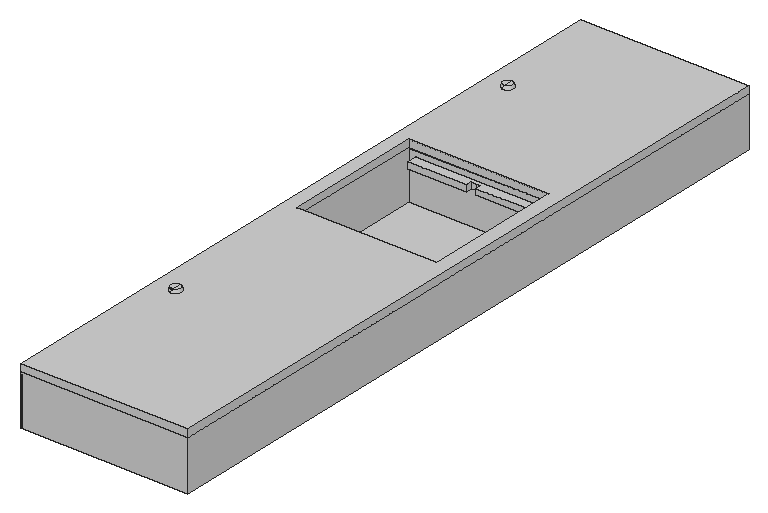
Revit family "SanitaryComboUnit_Metlam_2-in-1", category Generic Models, host Face, Revit 2013
Parameters (values of type "Metlam Sanitary - Paper/Waste 99 Surface Mounted")
  Width = 333 mm
  Void Depth = -2 mm
  URL = "http://www.metlam.com.au/products/washroom/113"
  Surround Depth = 100 mm
  Surround = yes
  StyleOrType_ANZRS = "Sanitary Ware"
  Product Code = "ML 706 SM"
  Position - Recessed/Suface Mounted = 115 mm
  ModifiedIssue_ANZRS = 130318.01
  Model = "Paper/Waste - 99 Surface Mounted"
  Material = Stainless Steel, Satin
  Manufacturer = "Metlam"
  Keywords = "DISPENSES 600 C-fold paper towels or 800 Multi-fold paper towels. DISPOSAL 19L removable S.S. waste container."
  Height = 1397 mm
  FilterObject_ANZRS = "Sanitary Combination Unit"
  Description = "Paper Towel Dispenser & Waste"
  Depth = 115 mm
  Default Elevation = 0 mm
  CreatedBy_ANZRS = "RubySketch"
  CreatedByURL_ANZRS = "http://www.rubysketch.com/"
  CreatedByPhoneNo_ANZRS = "1300 844 728"
  Assembly Code = "E1090900"
Types (5, lengths in mm): name | Void Depth | Surround Depth | Surround | Product Code | Position - Recessed/Suface Mounted | Model | Keywords | Depth
  (no name) | -2 | 100 | yes | "ML 706 SM" | 115 | "Paper/Waste - 99 Surface Mounted" | "DISPENSES 600 C-fold paper towels or 800 Multi-fold paper towels. DISPOSAL 19L removable S.S. waste container." | 115
  Metlam Sanitary - Paper/Waste 99 Recessed | -108 | 100 | no | "ML 706" | 15 | "Paper/Waste - 99 Recessed" | "DISPENSES 600 C-fold paper towels or 800 Multi-fold paper towels. DISPOSAL 19L removable S.S. waste container." | 115
  Metlam Sanitary - Paper/Waste 99 Surface Mounted | -2 | 100 | yes | "ML 706 SM" | 115 | "Paper/Waste - 99 Surface Mounted" | "DISPENSES 600 C-fold paper towels or 800 Multi-fold paper towels. DISPOSAL 19L removable S.S. waste container." | 115
  Metlam Sanitary - Paper/Waste 159 Recessed | -160 | 140 | no | "ML 707" | 15 | "Paper/Waste - 159 Recessed" | "DISPENSES 600 C-fold paper towels or 800 Multi-fold paper towels. DISPOSAL 22L removable S.S. waste container." | 155
  Metlam Sanitary - Paper/Waste 159 Surface Mounted | -2 | 140 | yes | "ML 707 SM" | 155 | "Paper/Waste - 159 Surface Mounted" | "DISPENSES 600 C-fold paper towels or 800 Multi-fold paper towels. DISPOSAL 22L removable S.S. waste container." | 155
Reference planes
  plane 1 "Center (Front/Back)": y = 0
  plane 2: z = 0
  plane 3 "Center (Left/Right)": x = 0
  plane 4 "Positioning": z = 115
Forms (mm)
  Extrusion 1, solid, material "Stainless Steel, Satin" <- "Material", detail levels fine
    sketch origin (0, 0, 115) x (0, -1, 0) y (1, 0, 0)
      loop
        line (0, -166.5) -> (0, 166.5) -> (-1397, 166.5) -> (-1397, -166.5) -> (0, -166.5)
      loop
        line (-655, -139.5) -> (-655, 139.5) -> (-935, 139.5) -> (-935, -139.5) -> (-655, -139.5)
    from 0 to -15
  Extrusion 2, solid, material "Stainless Steel, Satin" <- "Material", detail levels fine
    sketch origin (0, 0, 115) x (0, -1, 0) y (1, 0, 0)
      loop
        line (-1377, -146.5) -> (-20, -146.5) -> (-20, 146.5) -> (-1377, 146.5) -> (-1377, -146.5)
    from -115 to -113
  Extrusion 3, solid, material "Stainless Steel, Satin" <- "Material", detail levels fine
    sketch origin (0, 0, 115) x (0, -1, 0) y (1, 0, 0)
      loop
        line (-655, -139.5) -> (-655, 139.5) -> (-935, 139.5) -> (-935, -139.5) -> (-655, -139.5)
      loop
        line (-653, -141.5) -> (-653, 141.5) -> (-937, 141.5) -> (-937, -141.5) -> (-653, -141.5)
    from -15 to -113
  Extrusion 4, void
    sketch origin (0, 0, 0) x (1, 0, 0) y (0, 0, 1)
      loop
        line (125.5, 88) -> (-125.5, 88) -> (-125.5, 72) -> (125.5, 72) -> (125.5, 88)
    from -650 to -950
  Extrusion 5, solid, material "Stainless Steel, Satin" <- "Material", detail levels fine
    sketch origin (0, 0, 115) x (0, -1, 0) y (1, 0, 0)
      loop
        line (-937, -125.5) -> (-915, -125.5) -> (-915, -9.5) -> (-927, -9.5) -> (-927, 0) -> (-927, 9.5) -> (-915, 9.5) -> (-915, 125.5) -> (-937, 125.5) -> (-937, -125.5)
    from -27 to -39
  Revolve 6, solid, material "Stainless Steel, Satin" <- "Material", detail levels fine
    sketch origin (-124.5, 335, 0) x (0, 1, 0) y (0, 0, 1)
      loop
        line (0, 115) -> (11.5, 115) -> (9.5, 120) -> (0, 120) -> (0, 115)
      axis (0, 120) -> (0, 115)
    angle from 0 to 360
  Revolve 7, solid, material "Stainless Steel, Satin" <- "Material", detail levels fine
    sketch origin (-124.5, 1162, 0) x (0, 1, 0) y (0, 0, 1)
      loop
        line (0, 115) -> (11.5, 115) -> (9.5, 120) -> (0, 120) -> (0, 115)
      axis (0, 120) -> (0, 115)
    angle from 0 to 360
  Extrusion 8, solid, material "Stainless Steel, Satin" <- "Material", visible <- "Surround", detail levels fine
    sketch origin (0, 0, 0) x (1, 0, 0) y (0, 1, 0)
      loop
        line (-166.5, 1397) -> (-166.5, 0) -> (166.5, 0) -> (166.5, 1397) -> (-166.5, 1397)
      loop
        line (-164.5, 1395) -> (-164.5, 2) -> (164.5, 2) -> (164.5, 1395) -> (-164.5, 1395)
    from 0 to 100
  Extrusion 9, void
    sketch origin (0, 0, 0) x (1, 0, 0) y (0, 1, 0)
      loop
        line (-150.5, 16) -> (150.5, 16) -> (150.5, 1381) -> (-150.5, 1381) -> (-150.5, 16)
    from 0 to -2 <- "Void Depth"
  Extrusion 10, solid, material "Stainless Steel, Satin" <- "Material", detail levels fine
    sketch origin (0, 0, 115) x (0, -1, 0) y (1, 0, 0)
      loop
        line (-1377, -146.5) -> (-20, -146.5) -> (-20, 146.5) -> (-1377, 146.5) -> (-1377, -146.5)
      loop
        line (-1375, -144.5) -> (-22, -144.5) -> (-22, 144.5) -> (-1375, 144.5) -> (-1375, -144.5)
    from -15 to -113
  Extrusion 11, solid, material "Stainless Steel, Satin" <- "Material", detail levels fine
    sketch origin (0, 0, 115) x (0, -1, 0) y (1, 0, 0)
      loop
        line (-1377, -146.5) -> (-20, -146.5) -> (-20, 146.5) -> (-1377, 146.5) -> (-1377, -146.5)
    from -115 to -113
Cuts and joins
  Extrusion 9 cuts Extrusion 2
  Extrusion 4 cuts Extrusion 3
  joined: Extrusion 2, Extrusion 3, Extrusion 10, Extrusion 11
Lines and regions (mm)
  Masking region 1
    outline origin (0, 0, 0) x (1, 0, 0) y (0, 0, 1)
      loop
        line (166.5, 100) -> (166.5, 115) -> (-166.5, 115) -> (-166.5, 100) -> (166.5, 100)
  Masking region 2
    outline origin (0, 0, 0) x (1, 0, 0) y (0, 0, 1)
      loop
        line (146.5, 0) -> (146.5, 100) -> (-146.5, 100) -> (-146.5, 0) -> (146.5, 0)
  Masking region 3, visible <- "Surround"
    outline origin (0, 0, 0) x (1, 0, 0) y (0, 0, 1)
      loop
        line (166.5, 0) -> (166.5, 100) -> (-166.5, 100) -> (-166.5, 0) -> (166.5, 0)
Dimensions and locks
  "Position - Recessed/Suface Mounted": plane 4 "Positioning" to level
  equal spacing: Extrusion 1 sketch curve, plane 3 "Center (Left/Right)", Extrusion 1 sketch curve
  "Width": Extrusion 1 sketch curve to Extrusion 1 sketch curve
  "Height": Extrusion 1 sketch curve to Extrusion 1 sketch curve
  locked: Extrusion 1 sketch curve to Extrusion 1 sketch curve at 655
  "Surround Depth": Extrusion 8 to host face
  aligned and locked: plane 2 to host face
  aligned and locked: level to host face
  aligned and locked: Extrusion 8 to level
  aligned and locked: Masking region 1 sketch curve to Extrusion 1  (x3)
  aligned and locked: Masking region 1 sketch curve to Extrusion 8
  aligned and locked: Masking region 2 sketch curve to cut or joined group of Extrusion 2, Extrusion 3, Extrusion 4, Extrusion 9, Extrusion 10, Extrusion 11  (x4)
  aligned and locked: Masking region 3 sketch curve to Extrusion 8  (x3)
Automatic sketch dimensions
  host sketch curve to host sketch curve = 2438.4 mm
  host sketch curve to host sketch curve = 1854.493 mm
  plane 1 "Center (Front/Back)" to Extrusion 1 sketch curve = 0 mm
  Extrusion 1 sketch curve to Extrusion 1 sketch curve = 280 mm
  plane 3 "Center (Left/Right)" to Extrusion 1 sketch curve = 139.5 mm
  plane 3 "Center (Left/Right)" to Extrusion 2 sketch curve = 146.5 mm
  Extrusion 2 sketch curve to plane 1 "Center (Front/Back)" = 1377 mm
  Extrusion 2 sketch curve to plane 1 "Center (Front/Back)" = 20 mm
  plane 3 "Center (Left/Right)" to Extrusion 3 sketch curve = 141.5 mm
  Extrusion 3 sketch curve to plane 1 "Center (Front/Back)" = 937 mm
  Extrusion 3 sketch curve to Extrusion 3 sketch curve = 2 mm  (x4)
  Extrusion 3 sketch curve to Extrusion 3 sketch curve = 280 mm
  Extrusion 4 sketch curve to plane 4 "Positioning" = 43 mm
  plane 3 "Center (Left/Right)" to Extrusion 4 sketch curve = 125.5 mm
  Extrusion 4 sketch curve to Extrusion 4 sketch curve = 16 mm
  Extrusion 5 sketch curve to plane 3 "Center (Left/Right)" = 0 mm
  Extrusion 5 sketch curve to plane 1 "Center (Front/Back)" = 937 mm
  Extrusion 5 sketch curve to plane 3 "Center (Left/Right)" = 9.5 mm
  Extrusion 5 sketch curve to Extrusion 5 sketch curve = 10 mm
  Extrusion 5 sketch curve to Extrusion 5 sketch curve = 12 mm  (x2)
  plane 3 "Center (Left/Right)" to Extrusion 5 sketch curve = 9.5 mm
  Extrusion 5 sketch curve to Extrusion 5 sketch curve = 116 mm
  Revolve 6 sketch curve to plane 4 "Positioning" = 0 mm
  Revolve 6 sketch curve to plane 1 "Center (Front/Back)" = 335 mm
  plane 4 "Positioning" to Revolve 6 sketch curve = 5 mm
  Revolve 6 sketch curve to Revolve 6 sketch curve = 9.5 mm
  Revolve 6 sketch curve to Revolve 6 sketch curve = 2 mm
  Revolve 6 sketch curve to Revolve 6 sketch curve = 0 mm
  Revolve 6 sketch curve to plane 4 "Positioning" = 5 mm
  Revolve 6 sketch curve to Revolve 6 sketch curve = 25 mm
  plane 4 "Positioning" to Revolve 7 sketch curve = 0 mm
  Revolve 7 sketch curve to plane 1 "Center (Front/Back)" = 1162 mm
  plane 4 "Positioning" to Revolve 7 sketch curve = 5 mm
  Revolve 7 sketch curve to Revolve 7 sketch curve = 9.5 mm
  Revolve 7 sketch curve to Revolve 7 sketch curve = 2 mm
  Revolve 7 sketch curve to Revolve 7 sketch curve = 0 mm
  Revolve 7 sketch curve to plane 4 "Positioning" = 5 mm
  Revolve 7 sketch curve to Revolve 7 sketch curve = 25 mm
  plane 1 "Center (Front/Back)" to Extrusion 8 sketch curve = 0 mm
  Extrusion 8 sketch curve to plane 1 "Center (Front/Back)" = 2 mm
  Extrusion 8 sketch curve to Extrusion 8 sketch curve = 2 mm  (x3)
  plane 3 "Center (Left/Right)" to Extrusion 8 sketch curve = 164.5 mm
  Extrusion 8 sketch curve to Extrusion 8 sketch curve = 1393 mm
  Extrusion 1 sketch curve to plane 3 "Center (Left/Right)" = 139.5 mm
  Extrusion 2 sketch curve to plane 3 "Center (Left/Right)" = 146.5 mm
  Extrusion 3 sketch curve to plane 3 "Center (Left/Right)" = 141.5 mm
  Extrusion 4 sketch curve to plane 3 "Center (Left/Right)" = 125.5 mm
  Extrusion 5 sketch curve to plane 3 "Center (Left/Right)" = 125.5 mm
  Extrusion 8 sketch curve to plane 3 "Center (Left/Right)" = 166.5 mm
  Extrusion 9 sketch curve to plane 3 "Center (Left/Right)" = 150.5 mm
  Extrusion 9 sketch curve to plane 1 "Center (Front/Back)" = 16 mm
  plane 3 "Center (Left/Right)" to Extrusion 9 sketch curve = 150.5 mm
  Extrusion 9 sketch curve to Extrusion 9 sketch curve = 1365 mm
  plane 3 "Center (Left/Right)" to Extrusion 10 sketch curve = 146.5 mm
  Extrusion 10 sketch curve to plane 1 "Center (Front/Back)" = 1377 mm
  Extrusion 10 sketch curve to plane 1 "Center (Front/Back)" = 20 mm
  Extrusion 10 sketch curve to plane 3 "Center (Left/Right)" = 146.5 mm
  Extrusion 10 sketch curve to Extrusion 10 sketch curve = 2 mm  (x4)
  plane 3 "Center (Left/Right)" to Extrusion 11 sketch curve = 146.5 mm
  Extrusion 11 sketch curve to plane 1 "Center (Front/Back)" = 1377 mm
  Extrusion 11 sketch curve to plane 1 "Center (Front/Back)" = 20 mm
  Extrusion 11 sketch curve to plane 3 "Center (Left/Right)" = 146.5 mm
  Masking region 3 sketch curve to plane 3 "Center (Left/Right)" = 166.5 mm
